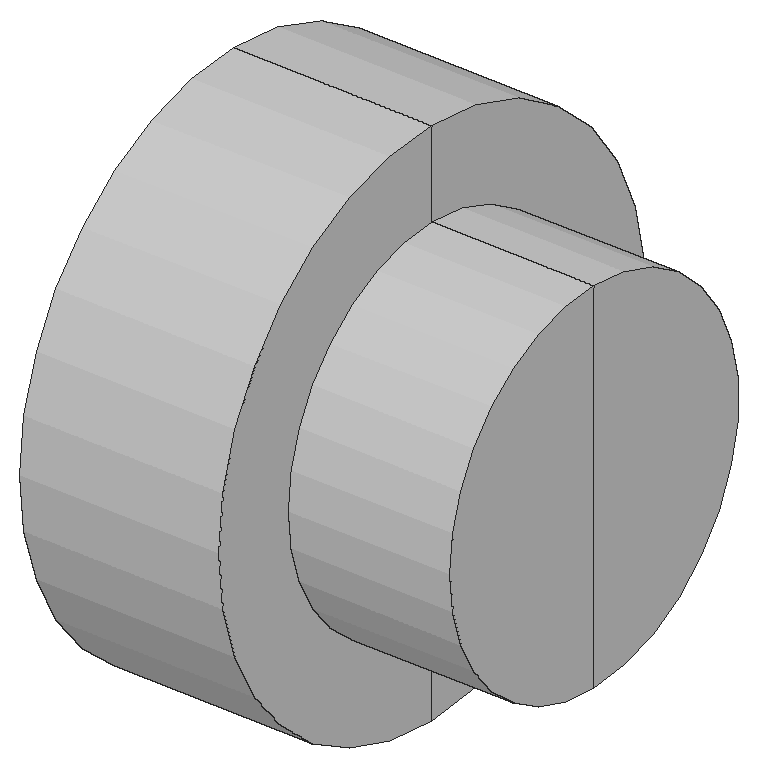
Revit family "6244_Anschlussverschraubung flachdichtend (Adapter)", category Rohrformteile, Revit 2021
Family settings
  Bemaßung runder Anschluss = Durchmesser verwenden
  Teiletyp = Verbindung
  OmniClass-Nummer = 23.65.55.14
  OmniClass-Titel = Valves for Liquid Services
  Arbeitsebenenbasiert = Nein
  Immer vertikal = Ja
  Beim Laden mit Abzugskörper schneiden = Nein
  Gemeinsam genutzt = Nein
Parameters (values of type "G 3/4 x M22x1,5")
  Vorgabe-Ansicht = 0 mm
  URL = "www.herz-armaturen.at"
  SCRNSEQ = "AWI;AWI_TYP=\"1001\";2"
  SCRNCODE = "07;01;02"  # constant formula
  S02 = 8 mm  # constant formula
  S01 [instance] = GT  # 7 mm
  Nennweite_Über = 20 mm  # constant formula
  Nennweite = 20 mm  # constant formula
  GT [instance] = 7 mm  # constant formula
  L01 [instance] = 11 mm  # constant formula
  L00 [instance] = 20 mm  # constant formula
  Hersteller = "HERZ Armaturen Ges.m.b.H."  # constant formula
  Bestellnummer [instance] = 1624401  # constant formula
  D02 [instance] = 10 mm  # constant formula
  D01 [instance] = 11 mm  # constant formula
  D00 [instance] = 14.8 mm  # constant formula
  3_4x22 = yes
Reference planes
  plane 1 "Mitte (Vorne/hinten)": y = 0
  plane 2: z = 0
  plane 3 "Mitte (Links/rechts)": x = 0
Forms (mm)
  Revolve 1, solid, material "Messing, vernickelt", detail levels fine
    sketch origin (0, 0, 0) x (1, 0, 0) y (0, 0, 1)
      loop
        line (0, 11) -> (7, 11) -> (7, 0) -> (20, 0) -> (20, 10) -> (11, 10) -> (11, 14.8) -> (0, 14.8) -> (0, 11)
      axis (0, 0) -> (20, 0)
    angle from 0 to 360
Lines and regions (mm)
  model lines, detail levels coarse+medium
    curve 1: line (0, 0, 0) -> (20, 0, 0)
    curve 2: line (7, 0, 14.8) -> (7, 0, -14.8)
    curve 3: line (7, 0, -14.8) -> (15, 0, -14.8)
    curve 4: line (15, 0, -14.8) -> (7, 0, 0)
    curve 5: line (7, 0, 14.8) -> (15, 0, 14.8)
    curve 6: line (15, 0, 14.8) -> (7, 0, 0)
    curve 7: line (7, 14.8, 0) -> (7, -14.8, 0)
    curve 8: line (7, -14.8, 0) -> (15, -14.8, 0)
    curve 9: line (15, -14.8, 0) -> (7, 0, 0)
    curve 10: line (7, 14.8, 0) -> (15, 14.8, 0)
    curve 11: line (15, 14.8, 0) -> (7, 0, 0)
Dimensions and locks
  "L01": Revolve 1 sketch curve to plane 3 "Mitte (Links/rechts)"
  "L00": Revolve 1 sketch curve to plane 3 "Mitte (Links/rechts)"
  "D00": Revolve 1 sketch curve to plane 2
  "D01": Revolve 1 sketch curve to plane 2
  "D02": Revolve 1 sketch curve to plane 2
  "GT": Revolve 1 sketch curve to plane 3 "Mitte (Links/rechts)"
  "L00": curve 1 to curve 1
  "S01": curve 2 to plane 3 "Mitte (Links/rechts)"
  "S02": curve 2 to curve 6
  "S02": curve 2 to curve 4
  "S01": curve 1 to curve 7
  "S02": curve 7 to curve 11
  "S02": curve 7 to curve 9
  "D00": curve 8 to plane 1 "Mitte (Vorne/hinten)" to curve 10
  "D00": curve 5 to plane 2 to curve 3
  aligned and locked: level to plane 2
Automatic sketch dimensions
  curve 1 to level = 0 mm
  curve 1 to plane 3 "Mitte (Links/rechts)" = 0 mm
  curve 4 to level = 0 mm
  curve 6 to curve 4 = 0 mm
  plane 1 "Mitte (Vorne/hinten)" to curve 9 = 0 mm
  plane 1 "Mitte (Vorne/hinten)" to curve 11 = 0 mm
  Revolve 1 sketch curve to level = 0 mm  (x2)
  Revolve 1 sketch curve to plane 3 "Mitte (Links/rechts)" = 0 mm
  Revolve 1 sketch curve to plane 3 "Mitte (Links/rechts)" = 1506.53 mm
  Revolve 1 sketch curve to Revolve 1 sketch curve = 1792.148 mm
Connectors
  piping at (7, 0, 0), diameter 20, driven by "Nennweite_Über"
    settings: on Revolve 1, index 1, connector inside diameter 609.6 mm, connector length 0 mm, flow factor 0, pipe flow 0.0 L/s, pressure drop 0.0 Pa, fitting loss kfactor 0, connector angle 0.00°, fixture units 0, engagement length 0 mm, angle of deflection 0.00°, flow configuration 0, flow direction 0, fitting loss method 0, system type 29, joint type 0, gender type 0, connector reference index -1, connector utility 0, adjustable connector no, is connector primary yes, connector description ""
  piping at (20, 0, 0), diameter 20, driven by "Nennweite"
    settings: on Revolve 1, index 2, connector inside diameter 609.6 mm, connector length 0 mm, flow factor 0, pipe flow 0.0 L/s, pressure drop 0.0 Pa, fitting loss kfactor 0, connector angle 0.00°, fixture units 0, engagement length 0 mm, angle of deflection 0.00°, flow configuration 0, flow direction 0, fitting loss method 0, system type 29, joint type 0, gender type 0, connector reference index -1, connector utility 0, adjustable connector no, is connector primary no, connector description ""
